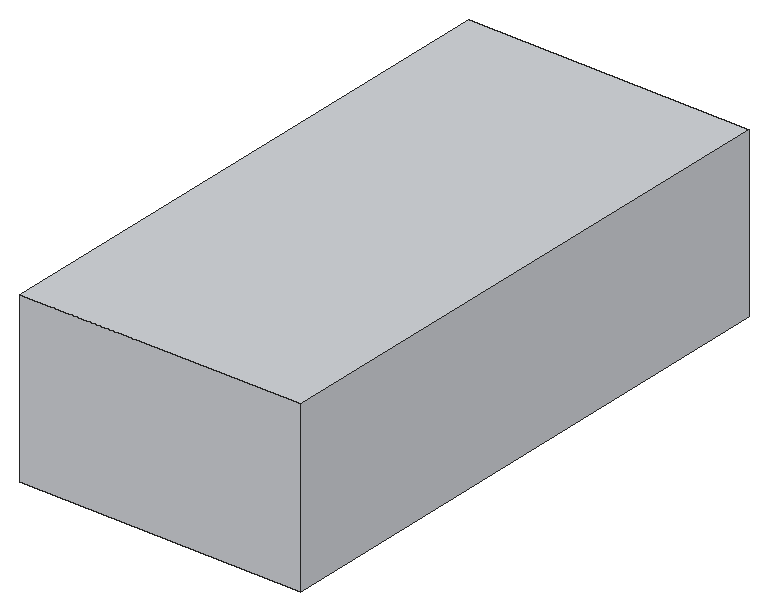
Revit family "MM-MEC_DuctAcc_Penetration_Square Through", category Duct Accessories, Revit 2019
Family settings
  Round Connector Dimension = Use Diameter
  Part Type = Breaks Into
  OmniClass Number = 23.35.33.11
  OmniClass Title = Electrical Service Penetrations
  Work Plane-Based = No
  Always vertical = Yes
  Cut with Voids When Loaded = Yes
  Shared = Yes
Parameters (values of type "Duct Penetration 25mm All Round")
  MMWidth [instance] = 500 mm
  MMLength [instance] = 250 mm
  MMHeight [instance] = 150 mm
  Clearance All Round [instance] = 50 mm
  Description = "Ductwork Penetration Placeholder"
  ClearanceTB = 25 mm
  ClearanceLR = 25 mm
  CTB [instance] = ClearanceTB + Clearance All Round  # 75 mm
  CLR [instance] = ClearanceLR + Clearance All Round  # 75 mm
  Assembly Code = ""
Reference planes
  plane 1 "Center (Front/Back)": y = 245
  plane 2: z = 0
  plane 3 "Center (Left/Right)": x = 0
  plane 4: x = 125
  plane 5: x = -125
  plane 6 "F": y = 495
  plane 7 "R": y = -5
  plane 8: z = 75
  plane 9: z = -75
  plane 10 "T": z = 150
  plane 11 "B": z = -150
  plane 12 "C": y = 570
  plane 13 "D": y = -80
Forms (mm)
  Extrusion 1, solid
    sketch origin (-205, 0, 0) x (1, 0, 0) y (0, 1, 0)
      loop
        line (80, 495) -> (80, -5) -> (330, -5) -> (330, 495) -> (80, 495)
    from -75 to 75
Lines and regions (mm)
  model lines
    curve 1: line (-125, 570, 150) -> (125, 570, 150)
    curve 2: line (-125, 570, -150) -> (-125, 570, 150)
    curve 3: line (125, 570, -150) -> (-125, 570, -150)
    curve 4: line (125, 570, 150) -> (125, 570, -150)
    curve 5: line (125, -80, 150) -> (-125, -80, 150)
    curve 6: line (125, -80, -150) -> (125, -80, 150)
    curve 7: line (-125, -80, -150) -> (125, -80, -150)
    curve 8: line (-125, -80, 150) -> (-125, -80, -150)
    curve 9: line (-125, 570, 150) -> (125, 570, 150)
    curve 10: line (-125, -80, 150) -> (-125, 570, 150)
    curve 11: line (125, -80, 150) -> (-125, -80, 150)
    curve 12: line (125, 570, 150) -> (125, -80, 150)
    curve 13: line (-125, 570, -150) -> (125, 570, -150)
    curve 14: line (-125, -80, -150) -> (-125, 570, -150)
    curve 15: line (125, -80, -150) -> (-125, -80, -150)
    curve 16: line (125, 570, -150) -> (125, -80, -150)
Dimensions and locks
  equal spacing: plane 6 "F", plane 1 "Center (Front/Back)", plane 7 "R"
  equal spacing: plane 8, level, plane 9
  "MMHeight": plane 8 to plane 9
  "MMWidth": plane 6 "F" to plane 7 "R"
  "CTB": plane 10 "T" to plane 8
  "CTB": plane 9 to plane 11 "B"
  equal spacing: plane 5, plane 3 "Center (Left/Right)", plane 4
  "MMLength": plane 5 to plane 4
  "CLR": plane 12 "C" to plane 6 "F"
  "CLR": plane 7 "R" to plane 13 "D"
  aligned and locked: Extrusion 1 sketch curve to plane 6 "F"
  aligned and locked: plane 7 "R" to Extrusion 1 sketch curve
  aligned and locked: Extrusion 1 sketch curve to plane 4
  aligned and locked: plane 5 to Extrusion 1 sketch curve
  aligned and locked: plane 8 to Extrusion 1
  aligned and locked: Extrusion 1 to plane 9
  aligned and locked: plane 10 "T" to curve 1
  aligned and locked: curve 3 to plane 11 "B"
  aligned and locked: curve 5 to plane 10 "T"
  aligned and locked: plane 11 "B" to curve 7
  aligned and locked: curve 8 to plane 5
  aligned and locked: plane 4 to curve 6
  aligned and locked: curve 4 to plane 4
  aligned and locked: plane 5 to curve 2
  aligned and locked: curve 12 to plane 4
  aligned and locked: curve 16 to plane 4
  aligned and locked: plane 5 to curve 10
  aligned and locked: plane 5 to curve 14
  aligned and locked: plane 13 "D" to curve 11
  aligned and locked: curve 9 to plane 12 "C"
Automatic sketch dimensions
  curve 13 to plane 12 "C" = 0 mm
  curve 15 to plane 13 "D" = 0 mm
Connectors
  hvac at (125, 245, 0), driven by "MMHeight", driven by "MMWidth"
    settings: on Extrusion 1, index 1, duct flow 0.0 L/s, flow factor 0, pres drop 0.0 Pa, loss coef 0, conn angle 0.00°, conn width 500 mm, conn height 150 mm, conn diameter 609.6 mm, duct sys type 28, conn prof type 1, flow config 2, flow direction 0, loss method 0, conn ref index 2, conn util no, is conn primary yes, conn desc ""
  hvac at (-125, 245, 0), driven by "MMHeight", driven by "MMWidth"
    settings: on Extrusion 1, index 2, duct flow 0.0 L/s, flow factor 0, pres drop 0.0 Pa, loss coef 0, conn angle 0.00°, conn width 500 mm, conn height 150 mm, conn diameter 609.6 mm, duct sys type 28, conn prof type 1, flow config 2, flow direction 0, loss method 0, conn ref index 1, conn util no, is conn primary no, conn desc ""
